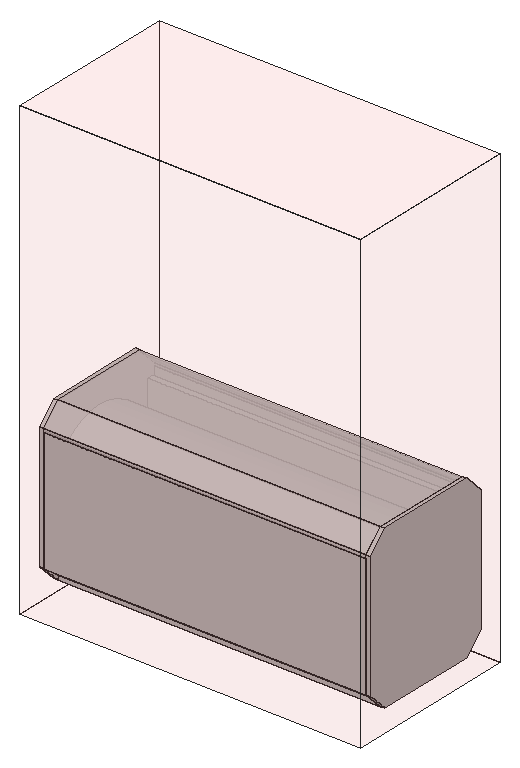
Revit family "Air-Curtain_Specialty_PoweredAire_LDX-Hazardous", category Mechanical Equipment, host Face, Revit 2025
Family settings
  Host = Face
  Round Connector Dimension = Use Diameter
  Part Type = Normal
  OmniClass Number = 23.75.35.17.21
  OmniClass Title = Air Curtains
  Cut with Voids When Loaded = No
  Maintain Annotation Orientation = No
  Shared = No
  Room Calculation Point = No
Parameters
  Warranty Duration (Years) = 0
  Unit Width Notes = "Other Widths available."  # constant formula
  Unit Width = 3' - 0"
  Unit Weight = 0
  Unit Height = 1' - 3"
  Unit Depth = 1' - 5 1/2"
  URL = "http://www.poweredaire.com/"
  Test Data = ""
  Standards Conformance = "as Specified"
  Specification = "http://www.arcat.com/sdspecs/htm04/23_34_33pai.htm"
  SpecWizard = ""
  Sound Pressure = "as Specified"
  Sales Information = "http://www.poweredaire.com/contact_us"
  Revision = "R1_2016-08"
  Projection from Host [instance] = 0' - 2"
  Product Properties = ""
  Product Data = "http://www.arcat.com/arcatcos/cos47/arc47623.html"
  Power Rating = 0 W
  Nozzle Width = if(1 = 1, Unit Width - 0' 1", 0' 0")  # 2' - 11"
  Mounting Width = if(1 = 1, Unit Width - 0' 0 15/16", 0' 0")  # 2' - 11 1/16"
  Mounting Height [instance] = 3' - 6"
  Motor RPM = 0
  Motor HP = 0
  Motor Count = 0
  Model = "As Specified"
  Max Height = 0' - 0"
  Manufacturer Website = "http://www.poweredaire.com/"
  Manufacturer Phone - Toll Free = "888-321-2473"
  Manufacturer Phone = "724-588-3305"
  Manufacturer Fax = "724-588-3371"
  Manufacturer Address = "109 Mortensen Rd.  Greenville, PA 16125"
  Manufacturer = "Powered Aire, Inc"
  Maintenance Schedule (Months) = 0
  Keynote = "23 34 33"
  Installation-Fabrication = ""
  Installation Phase = ""
  Include Clearance [instance] = yes
  Heating Element Load = 0 W
  HVAC_Temperature Rise = 0 °F
  HVAC_Outlet Volume = 0 CFM
  HVAC_Outlet Velocity Uniformity = 0
  HVAC_Outlet Velocity = 0 FPM
  Green Building-LEED = "http://www.arcat.com/green/clients/leed_data_47623.html"
  Front Grating Material [instance] = Metal - Steel - PoweredAire - Stainless 304 Perforated
  Frame Finish [instance] = Metal - Steel - PoweredAire - Stainless 304
  Expected Lifespan (Years) = 0
  Electrical_Wattage [instance] = Power Rating + Heating Element Load  # 0 W
  Electrical_Voltage [instance] = 0 V
  Electrical_Phase [instance] = 1
  Electrical_Frequency [instance] = 0 Hz
  Electrical_Amperage [instance] = 0 A
  Drawn By = "Sumex Design, Inc. / Robert S. Weygant, CSI, CDT, SCIP"
  Description = "Powered Aire Air Curtain as Specified"
  Default Elevation = 0' - 0"  # constant formula
  Copyright = "©Arcat Inc."
  Construction Details = "http://www.arcat.com/details/powair/prod3336.html"
  Clearance_Top [instance] = 0' - 2"
  Clearance_Side B [instance] = 0' - 0 1/2"
  Clearance_Side A [instance] = 0' - 0 1/2"
  Clearance_Intake [instance] = 2' - 6"
  Clearance_Bottom [instance] = 0' - 2"
  Clearance Material [instance] = ARCAT Clearance
  Building Codes = ""
  Available Options [instance] = "as Specified"
  Assembly Code = "D3090400"
Reference planes (in)
  plane 1 "Center (Elevation)": y = 0.13818
  plane 2: z = 0
  plane 3 "Center (Left/Right)": x = 0
  plane 4: y = 7.63818
  plane 5: y = -7.36182
  plane 6: x = -18
  plane 7: x = 18
  plane 8: z = 19.5
  plane 9 "FF": y = -41.86182
  plane 10: z = 2
  plane 11: x = 17.5
  plane 12: x = -17.5
  plane 13: y = 9.63818
  plane 14: y = -9.36182
  plane 15: x = -18.5
  plane 16: x = 18.5
  plane 17: z = 49.5
Forms (in)
  Extrusion 1, solid, material "Metal - Steel - PoweredAire - Stainless 304" <- "Frame Finish"
    sketch origin (0, 0, 0) x (0, 1, 0) y (0, 0, 1)
      loop
        line (5.69363, 2) -> (7.63818, 3.94454) -> (7.63818, 17.55546) -> (5.69363, 19.5) -> (-5.41728, 19.5) -> (-7.36182, 17.55546) -> (-7.36182, 3.94454) -> (-5.41728, 2) -> (5.69363, 2)
    from 17.5 to 18
  Extrusion 2, solid, material "Metal - Steel - PoweredAire - Stainless 304" <- "Frame Finish"
    sketch origin (0, 0, -0.5) x (0, 1, 0) y (0, 0, 1)
      loop
        circle (0.13818, 10.9739) r 6.25
      loop
        line (6.63818, 16.89427) -> (6.63818, 5.87829) -> (7.33849, 5.87829) -> (7.33849, 16.89427) -> (6.63818, 16.89427)
      loop
        line (-7.02798, 16.76927) -> (-7.02798, 5.75329) -> (-6.36182, 5.75329) -> (-6.36182, 16.76927) -> (-7.02798, 16.76927)
    from -17.5 to 17.5
  Extrusion 3, solid, material "Metal - Steel - PoweredAire - Stainless 304" <- "Frame Finish"
    sketch origin (0, 0, 0) x (0, 1, 0) y (0, 0, -1)
      loop
        line (5.69363, -2) -> (-5.41728, -2) -> (-7.36182, -3.94454) -> (-7.36182, -17.55546) -> (-5.41728, -19.5) -> (5.69363, -19.5) -> (7.63818, -17.55546) -> (7.63818, -3.94454) -> (5.69363, -2)
    from 17.5 to 18
  Extrusion 4, solid, material "Metal - Steel - PoweredAire - Stainless 304" <- "Frame Finish"
    sketch origin (0, 0, 0) x (0, 1, 0) y (0, 0, 1)
      loop
        line (-5.41728, 2) -> (5.69363, 2) -> (7.63818, 3.94454) -> (7.63818, 17.19454) -> (7.51318, 17.19454) -> (7.51318, 3.99632) -> (5.64186, 2.125) -> (-5.29228, 2.125) -> (-5.29228, 4.06954) -> (-7.23682, 4.06954) -> (-7.23682, 17.19454) -> (-7.36182, 17.19454) -> (-7.36182, 3.94454) -> (-5.41728, 3.94454) -> (-5.41728, 2)
      loop
        line (-6.64819, 3.61034) -> (-5.8702, 2.83235) -> (-5.74472, 2.95783) -> (-6.52271, 3.73583) -> (-6.64819, 3.61034)
    from -17.5 to 17.5
  Extrusion 5, solid, material "Metal - Steel - PoweredAire - Stainless 304 Perforated" <- "Front Grating Material"
    sketch origin (0, 0, 0) x (0, 1, 0) y (0, 0, 1)
      loop
        line (-7.36182, 17.19454) -> (-7.23682, 17.19454) -> (-7.23682, 17.50368) -> (-5.3655, 19.375) -> (5.64186, 19.375) -> (7.51318, 17.50368) -> (7.51318, 17.19454) -> (7.63818, 17.19454) -> (7.63818, 17.55546) -> (5.69363, 19.5) -> (-5.41728, 19.5) -> (-7.36182, 17.55546) -> (-7.36182, 17.19454)
    from -17.5 to 17.5
  Extrusion 6, solid, material "ARCAT Clearance" <- "Clearance Material", visible <- "Include Clearance"
    sketch origin (0, 0, 0) x (0, 1, 0) y (0, 0, 1)
      loop
        line (-9.36182, 49.5) -> (-9.36182, 0) -> (9.63818, 0) -> (9.63818, 49.5) -> (-9.36182, 49.5)
    from -18.5 to 18.5
Dimensions and locks (in)
  equal spacing: plane 4, plane 1 "Center (Elevation)", plane 5
  "Unit Height": plane 4 to plane 5
  equal spacing: plane 6, plane 3 "Center (Left/Right)", plane 7
  "Unit Width": plane 6 to plane 7
  "Mounting Height": plane 1 "Center (Elevation)" to plane 9 "FF"
  "Projection from Host": plane 10 to level
  "Unit Depth": plane 8 to plane 10
  locked: plane 6 to plane 12 at 0.5
  locked: plane 11 to plane 7 at 0.5
  "Clearance_Side A": plane 7 to plane 16
  "Clearance_Side B": plane 15 to plane 6
  "Clearance_Top": plane 13 to plane 4
  "Clearance_Bottom": plane 5 to plane 14
  "Clearance_Intake": plane 17 to plane 8
  aligned and locked: plane 2 to host face
  aligned and locked: level to host face
  aligned and locked: plane 7 to Extrusion 1
  aligned and locked: Extrusion 1 to plane 11
  aligned and locked: plane 12 to Extrusion 3
  aligned and locked: Extrusion 3 to plane 6
  aligned and locked: Extrusion 2 to plane 12
  aligned and locked: plane 11 to Extrusion 2
  aligned and locked: plane 11 to Extrusion 4
  aligned and locked: Extrusion 4 to plane 12
  aligned and locked: plane 11 to Extrusion 5
  aligned and locked: Extrusion 5 to plane 12
  aligned and locked: Extrusion 6 sketch curve to plane 17
  aligned and locked: plane 14 to Extrusion 6 sketch curve
  aligned and locked: level to Extrusion 6 sketch curve
  aligned and locked: Extrusion 6 sketch curve to plane 13
  aligned and locked: plane 16 to Extrusion 6
  aligned and locked: Extrusion 6 to plane 15
Automatic sketch dimensions
  host sketch curve to host sketch curve = 8' - 0"  (x2)
  Extrusion 1 sketch curve to plane 5 = 0' - 0"
  Extrusion 1 sketch curve to plane 8 = 0' - 0"
  Extrusion 1 sketch curve to plane 10 = 0' - 0"
  Extrusion 1 sketch curve to plane 4 = 0' - 0"
  plane 5 to Extrusion 1 sketch curve = 0' - 1.94454"  (x2)
  Extrusion 1 sketch curve to plane 4 = 0' - 1.94454"  (x2)
  plane 10 to Extrusion 1 sketch curve = 0' - 1.94454"  (x2)
  Extrusion 1 sketch curve to plane 8 = 0' - 1.94454"  (x2)
  Extrusion 2 sketch curve to plane 1 "Center (Elevation)" = 0' - 0"
  plane 5 to Extrusion 2 sketch curve = 0' - 1"
  plane 5 to Extrusion 2 sketch curve = 0' - 0.33384"
  Extrusion 2 sketch curve to plane 4 = 0' - 1"
  Extrusion 2 sketch curve to plane 4 = 0' - 0.29969"
  plane 10 to Extrusion 2 sketch curve = 0' - 3.37829"
  plane 10 to Extrusion 2 sketch curve = 0' - 3.25329"
  Extrusion 2 sketch curve to plane 8 = 0' - 9.0261"
  Extrusion 2 sketch curve to plane 8 = 0' - 3.23073"
  Extrusion 2 sketch curve to plane 8 = 0' - 3.10573"
  Extrusion 3 sketch curve to plane 5 = 0' - 0"
  Extrusion 3 sketch curve to plane 8 = 0' - 0"
  Extrusion 3 sketch curve to plane 10 = 0' - 0"
  Extrusion 3 sketch curve to plane 4 = 0' - 0"
  plane 5 to Extrusion 3 sketch curve = 0' - 1.94454"  (x2)
  Extrusion 3 sketch curve to plane 4 = 0' - 1.94454"  (x2)
  Extrusion 3 sketch curve to plane 8 = 0' - 1.94454"  (x2)
  plane 10 to Extrusion 3 sketch curve = 0' - 1.94454"  (x2)
  Extrusion 4 sketch curve to plane 5 = 0' - 0"
  Extrusion 4 sketch curve to plane 10 = 0' - 0"
  Extrusion 4 sketch curve to plane 4 = 0' - 0"
  plane 5 to Extrusion 4 sketch curve = 0' - 0 1/8"
  plane 5 to Extrusion 4 sketch curve = 0' - 0.71363"
  Extrusion 4 sketch curve to Extrusion 4 sketch curve = 0' - 0.12548"  (x2)
  Extrusion 4 sketch curve to Extrusion 4 sketch curve = 0' - 0.778"
  Extrusion 4 sketch curve to Extrusion 4 sketch curve = 0' - 0.32744"
  Extrusion 4 sketch curve to Extrusion 4 sketch curve = 0' - 0 1/8"  (x2)
  plane 10 to Extrusion 4 sketch curve = 0' - 0 1/8"
  Extrusion 4 sketch curve to plane 4 = 0' - 1.99632"
  Extrusion 4 sketch curve to Extrusion 4 sketch curve = 0' - 0.05178"  (x2)
  plane 10 to Extrusion 4 sketch curve = 0' - 0.83235"
  plane 10 to Extrusion 4 sketch curve = 0' - 1.94454"
  Extrusion 4 sketch curve to Extrusion 4 sketch curve = 0' - 0.3342"
  Extrusion 4 sketch curve to plane 4 = 0' - 0 1/8"
  Extrusion 4 sketch curve to plane 8 = 0' - 2.30546"  (x2)
  Extrusion 5 sketch curve to plane 5 = 0' - 0"
  Extrusion 5 sketch curve to plane 8 = 0' - 0"
  Extrusion 5 sketch curve to plane 4 = 0' - 0"
  plane 5 to Extrusion 5 sketch curve = 0' - 0 1/8"
  plane 5 to Extrusion 5 sketch curve = 0' - 1.94454"
  Extrusion 5 sketch curve to plane 8 = 0' - 0 1/8"
  Extrusion 5 sketch curve to Extrusion 5 sketch curve = 0' - 0.05178"  (x4)
  Extrusion 5 sketch curve to plane 4 = 0' - 1.99632"
  Extrusion 5 sketch curve to plane 8 = 0' - 1.94454"  (x2)
  Extrusion 5 sketch curve to Extrusion 5 sketch curve = 0' - 0 1/8"
  Extrusion 5 sketch curve to Extrusion 5 sketch curve = 0' - 0.30914"  (x2)
  radius of Extrusion 2 sketch curve = 0' - 6 1/4"
Connectors (in)
  electrical at (0, 7.63818, 10.56954), driven by "Electrical_Phase", driven by "Electrical_Voltage"
    settings: on Extrusion 4, index 1, voltage 0 V, apparent load 0 VA, apparent load phase1 0 VA, apparent load phase2 0 VA, apparent load phase3 0 VA, power factor 1, load classification "Motor", number of poles 1, system type 31, power factor state 1, is connector primary yes, connector utility no, sub classification motor no, connector description ""
